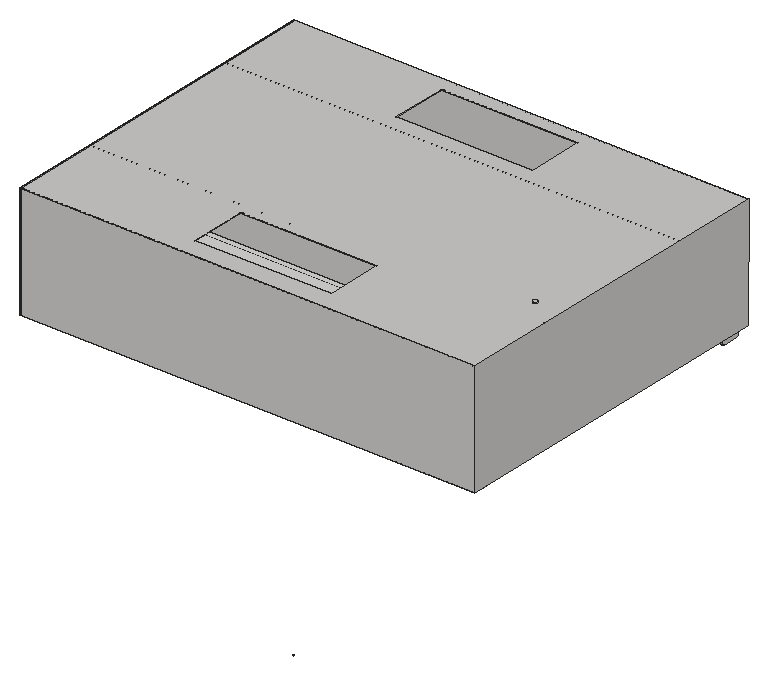
Revit family "QF_ELECTROLUXPROFESSIONAL_641259_STPF1520", category Specialty Equipment, Revit 2014
Reference planes
  plane 1: z = 0
  plane 2 "Center (Left/Right)": x = 150
  plane 3 "LEFT": x = -850
  plane 4 "RIGHT": x = 1150
  plane 5 "BACK": y = 550
  plane 6 "TOP": z = 2500
  plane 7 "Base": z = 2000
  plane 8: z = 1955
  plane 9 "DrainY": y = 490
  plane 10: x = -847
  plane 11 "DrainX": x = 1030
  plane 12 "AOLeft2": x = 450
  plane 13: x = 1147
  plane 14: x = -650
  plane 15: x = 950
  plane 16 "Center (Front/Back)": y = -100
  plane 17 "Front": y = -950
  plane 18 "AOLeft1": x = -150
  plane 19: y = -864
  plane 20: y = -614
  plane 21: y = 240
  plane 22: y = 490
  plane 23 "EI_y": y = -470
  plane 24 "EIx": x = 1030
Forms (mm)
  Extrusion 1, solid, material "QF_Finishes_Stainless Steel"
    sketch origin (-850, 0, 360) x (0, 1, 0) y (0, 0, 1)
      loop
        line (550, 1640) -> (550, 2140) -> (-950, 2140) -> (-950, 1640) -> (550, 1640)
    from 0 to 3
  Extrusion 2, solid, material "QF_Finishes_Stainless Steel"
    sketch origin (1150, 0, 360) x (0, 1, 0) y (0, 0, 1)
      loop
        line (550, 1640) -> (550, 2140) -> (-950, 2140) -> (-950, 1640) -> (550, 1640)
    from 0 to -3
  Extrusion 3, solid, material "QF_Finishes_Stainless Steel"
    sketch origin (150, 0, 360) x (0, 1, 0) y (0, 0, 1)
      loop
        line (-950, 2140) -> (-950, 1640) -> (-940, 1640) -> (-940, 1640.8) -> (-949.2, 1640.8) -> (-949.2, 2139.19) -> (549.2, 2139.19) -> (549.2, 1640.8) -> (540, 1640.8) -> (540, 1640) -> (550, 1640) -> (550, 2140) -> (-950, 2140)
    from -1000 to 1000
  Extrusion 4, solid, material "QF_Finishes_Stainless Steel"
    sketch origin (0, 0, 2000) x (0, 1, 0) y (-1, 0, 0)
      loop
        circle (490, -1030) r 4.763
    from -30 to 0
  Extrusion 5, void
    sketch origin (0, 0, 2500) x (0, 1, 0) y (-1, 0, 0)
      loop
        line (-614, -450) -> (-614, 150) -> (-864, 150) -> (-864, -450) -> (-614, -450)
    from 0 to -10
  Extrusion 6, solid, material "QF_Finishes_Stainless Steel"
    sketch origin (0, 0, 0) x (1, 0, 0) y (0, 1, 0)
      loop
        line (-850, 550) -> (-850, 549) -> (-849, 549) -> (-849, 550) -> (-850, 550)
    from 0 to 1
  Extrusion 7, solid, material "QF_LAMPS"
    sketch origin (150, 0, 360) x (0, 1, 0) y (0, 0, 1)
      loop
        line (-572.823, 1962.324) -> (-418.948, 2086.929) -> (-427.129, 2097.032) -> (-581.003, 1972.426) -> (-572.823, 1962.324)
    from 997 to -997
  Sweep 8, solid, material "QF_Finishes_Stainless Steel"
    path origin (0, 0, 0) x (1, 0, 0) y (0, 1, 0)
      loop
        line (1150, 550) -> (-850, 550) -> (-850, -950) -> (1150, -950) -> (1150, 550)
    profile origin (1150, -200, 0) x (1, 0, 0) y (0, 0, 1)
      loop
        line (-3, 2000) -> (-3, 2000.8) -> (-19, 2000.8) -> (-19, 2010) -> (-20, 2010) -> (-20, 2000) -> (-3, 2000)
  Extrusion 9, solid, material "QF_Finishes_Stainless Steel"
    sketch origin (150, 0, 0) x (0, 1, 0) y (0, 0, 1)
      loop
        line (414.66, 2095.469) -> (440.643, 2110.471) -> (261.744, 2411.771) -> (235.948, 2396.455) -> (414.66, 2095.469)
    from -997 to -800
  Extrusion 10, solid, material "QF_Finishes_Stainless Steel"
    sketch origin (1030, 0, 0) x (0, 1, 0) y (0, 0, 1)
      loop
        line (539, 2000) -> (441, 2000) -> (441, 1989) -> (448.5, 1989) -> (448.5, 1965)
        arc (448.5, 1965) -> (451.429, 1957.929) -> (458.5, 1955) r 10
        line (458.5, 1955) -> (521.5, 1955)
        arc (521.5, 1955) -> (528.571, 1957.929) -> (531.5, 1965) r 10
        line (531.5, 1965) -> (531.5, 1989) -> (539, 1989) -> (539, 2000)
    from 90 to -90
  Extrusion 11, solid, material "QF_Finishes_Stainless Steel"
    sketch origin (150, 0, 0) x (0, 1, 0) y (0, 0, 1)
      loop
        line (414.66, 2095.469) -> (440.643, 2110.471) -> (261.744, 2411.771) -> (235.948, 2396.455) -> (414.66, 2095.469)
    from 800 to 997
  Extrusion 12, solid, material "QF_Finished_Chrome"
    sketch origin (150, 0, 0) x (0, 1, 0) y (0, 0, 1)
      loop
        line (414.66, 2095.469) -> (440.643, 2110.471) -> (261.744, 2411.771) -> (235.948, 2396.455) -> (414.66, 2095.469)
    from -800 to 800
  Extrusion 13, void
    sketch origin (0, 1180, 2500) x (0, 1, 0) y (-1, 0, 0)
      loop
        line (-690, -450) -> (-690, 150) -> (-940, 150) -> (-940, -450) -> (-690, -450)
    from 0 to -10
  Extrusion 14, solid, material "QF_Finishes_Stainless Steel"
    sketch origin (0, 0, 2500) x (0, 1, 0) y (-1, 0, 0)
      loop
        circle (-470, -1030) r 10
    from 0 to 1.6
  Extrusion 15, solid, material "QF_Finishes_Stainless Steel"
    sketch origin (150, 0, 360) x (0, 1, 0) y (0, 0, 1)
      loop
        line (430.005, 1640) -> (540, 1640) -> (540, 1640.8) -> (430.467, 1640.8) -> (371.906, 1742.23) -> (414.858, 1734.657) -> (442.266, 1750.481) -> (442.266, 1765.943) -> (441.466, 1765.943) -> (441.466, 1750.943) -> (414.709, 1735.495) -> (321.153, 1751.991) -> (320.875, 1750.416) -> (371.4, 1741.507) -> (430.005, 1640)
      loop
        line (172.529, 2139.19) -> (242.893, 2017.316) -> (245.133, 2018.715) -> (240.13, 2027.381) -> (238.569, 2026.405) -> (173.453, 2139.19) -> (172.529, 2139.19)
    from -997 to 997
  Extrusion 16, solid, material "QF_Finishes_Stainless Steel"
    sketch origin (150, 200.8, 360) x (0, 1, 0) y (0, 0, 1)
      loop
        line (-1150, 2139.19) -> (-1150, 1640) -> (-1086.602, 1640) -> (-999.146, 1690.493) -> (-1010.058, 1709.394) -> (-1066.564, 1676.77) -> (-1114.704, 1680.982) -> (-1149.2, 1730.248) -> (-1149.2, 2139.19) -> (-1150, 2139.19)
      loop
        line (-773.6, 1961.694) -> (-781.937, 1971.99) -> (-769.095, 1982.182) -> (-769.095, 2139.19) -> (-769.895, 2139.19) -> (-769.895, 1982.569) -> (-1082.298, 1734.63) -> (-1071.091, 1720.79) -> (-773.6, 1961.694)
      loop
        line (-627.61, 2099.216) -> (-618.171, 2087.559) -> (-554.411, 2139.19) -> (-555.682, 2139.19) -> (-618.052, 2088.684) -> (-626.989, 2099.719) -> (-627.61, 2099.216)
    from -997 to 997
  Extrusion 17, solid, material "QF_Finishes_Stainless Steel"
    sketch origin (0, 0, 2500) x (0, 1, 0) y (-1, 0, 0)
      loop
        circle (-470, -1030) r 10
    from 0 to 1.6
Cuts and joins
  Extrusion 5, Extrusion 13 cuts Extrusion 3
  joined: Extrusion 2, Extrusion 3, Sweep 8
Lines and regions (mm)
  symbolic lines, style "SpecialityEquipment", detail levels coarse
    curve 1: line (1150, 550, 2500) -> (-850, 550, 2500)
    curve 2: line (-850, 550, 2500) -> (-850, -950, 2500)
    curve 3: line (1150, -950, 2500) -> (1150, 550, 2500)
    curve 4: line (-850, 550, 0) -> (1150, -950, 0)
    curve 5: line (1150, 550, 0) -> (-850, -950, 0)
    curve 6: line (-850, -950, 0) -> (1150, -950, 0)
  symbolic lines, detail levels coarse
    curve 7: line (-150, 240, 2500) -> (450, 240, 2500)
    curve 8: line (-150, 490, 2500) -> (-150, 240, 2500)
    curve 9: line (450, 490, 2500) -> (-150, 490, 2500)
    curve 10: line (450, 240, 2500) -> (450, 490, 2500)
    curve 11: line (-150, -614, 2500) -> (450, -614, 2500)
    curve 12: line (-150, -864, 2500) -> (-150, -614, 2500)
    curve 13: line (450, -864, 2500) -> (-150, -864, 2500)
    curve 14: line (450, -614, 2500) -> (450, -864, 2500)
Dimensions and locks
  plane 3 "LEFT" to plane 4 "RIGHT" = 2000 mm
  equal spacing: plane 3 "LEFT", plane 2 "Center (Left/Right)", plane 4 "RIGHT"
  plane 7 "Base" to plane 8 = 45 mm
  plane 5 "BACK" to plane 9 "DrainY" = 60 mm  (x2)
  plane 3 "LEFT" to plane 10 = 3 mm
  plane 11 "DrainX" to plane 4 "RIGHT" = 120 mm
  plane 13 to plane 4 "RIGHT" = 3 mm
  plane 3 "LEFT" to plane 14 = 200 mm
  plane 15 to plane 4 "RIGHT" = 200 mm
  locked: plane 7 "Base" to level at 2000
  locked: plane 6 "TOP" to plane 7 "Base" at 500
  locked: plane 18 "AOLeft1" to plane 12 "AOLeft2" at 600
  locked: plane 20 to plane 19 at 250
  locked: plane 19 to plane 17 "Front" at 86
  locked: plane 22 to plane 21 at 250
  locked: plane 5 "BACK" to plane 22 at 60
  locked: plane 23 "EI_y" to plane 17 "Front" at 480
  locked: plane 24 "EIx" to plane 4 "RIGHT" at 120
  locked: plane 5 "BACK" to plane 17 "Front" at 1500
  plane 5 "BACK" to plane 17 "Front" = 1500 mm
  equal spacing: plane 18 "AOLeft1", plane 2 "Center (Left/Right)", plane 12 "AOLeft2"
  aligned and locked: level to plane 1
  aligned and locked: plane 4 "RIGHT" to Extrusion 3
  aligned and locked: Extrusion 3 to plane 3 "LEFT"
  aligned and locked: Extrusion 2 to plane 13
  aligned and locked: Extrusion 9 to plane 10
  aligned and locked: Extrusion 5 to plane 18 "AOLeft1"
  aligned and locked: Extrusion 5 to plane 12 "AOLeft2"
  aligned and locked: plane 14 to Extrusion 9
  aligned and locked: plane 15 to Extrusion 11
  aligned and locked: plane 13 to Extrusion 11
  aligned and locked: Extrusion 12 to plane 14
  aligned and locked: Extrusion 12 to plane 15
  aligned and locked: plane 13 to Extrusion 7
  aligned and locked: Extrusion 7 to plane 10
  aligned and locked: Extrusion 13 to plane 21
  aligned and locked: plane 22 to Extrusion 13
  aligned and locked: Extrusion 13 to plane 18 "AOLeft1"
  aligned and locked: Extrusion 13 to plane 12 "AOLeft2"
  aligned and locked: Extrusion 15 to plane 10
  aligned and locked: plane 13 to Extrusion 15
  aligned and locked: Extrusion 5 to plane 19
  aligned and locked: plane 20 to Extrusion 5
  aligned and locked: Extrusion 16 to plane 10
  aligned and locked: plane 13 to Extrusion 16
Automatic sketch dimensions
  curve 6 to plane 3 "LEFT" = 0 mm
  curve 4 to plane 3 "LEFT" = 0 mm
  curve 5 to plane 4 "RIGHT" = 0 mm
  curve 6 to plane 4 "RIGHT" = 0 mm
  curve 4 to plane 17 "Front" = 0 mm
  curve 5 to plane 5 "BACK" = 0 mm
  curve 4 to plane 5 "BACK" = 0 mm
  Extrusion 1 sketch curve to plane 7 "Base" = 0 mm
  Extrusion 1 sketch curve to plane 17 "Front" = 0 mm
  Extrusion 1 sketch curve to plane 5 "BACK" = 0 mm
  Extrusion 1 sketch curve to plane 6 "TOP" = 0 mm
  Extrusion 2 sketch curve to plane 7 "Base" = 0 mm
  Extrusion 2 sketch curve to plane 17 "Front" = 0 mm
  Extrusion 2 sketch curve to plane 5 "BACK" = 0 mm
  Extrusion 2 sketch curve to plane 6 "TOP" = 0 mm
  Extrusion 3 sketch curve to plane 6 "TOP" = 0 mm
  Extrusion 3 sketch curve to plane 17 "Front" = 0 mm
  Extrusion 3 sketch curve to plane 7 "Base" = 0 mm  (x2)
  Extrusion 3 sketch curve to plane 5 "BACK" = 0 mm
  plane 17 "Front" to Extrusion 3 sketch curve = 0.8 mm
  Extrusion 3 sketch curve to Extrusion 3 sketch curve = 9.2 mm
  plane 7 "Base" to Extrusion 3 sketch curve = 0.8 mm  (x2)
  Extrusion 3 sketch curve to plane 5 "BACK" = 10 mm
  Extrusion 3 sketch curve to plane 5 "BACK" = 0.8 mm
  Extrusion 3 sketch curve to plane 6 "TOP" = 0.81 mm
  Extrusion 4 sketch curve to plane 9 "DrainY" = 0 mm
  Extrusion 4 sketch curve to plane 11 "DrainX" = 0 mm
  Extrusion 5 sketch curve to plane 12 "AOLeft2" = 0 mm
  Extrusion 5 sketch curve to plane 19 = 0 mm
  Extrusion 5 sketch curve to plane 20 = 0 mm
  Extrusion 5 sketch curve to plane 18 "AOLeft1" = 0 mm
  Extrusion 6 sketch curve to plane 3 "LEFT" = 0 mm
  Extrusion 6 sketch curve to plane 5 "BACK" = 0 mm
  plane 3 "LEFT" to Extrusion 6 sketch curve = 1 mm
  Extrusion 6 sketch curve to Extrusion 6 sketch curve = 1 mm
  plane 20 to Extrusion 7 sketch curve = 32.997 mm
  Extrusion 7 sketch curve to Extrusion 7 sketch curve = 8.181 mm  (x2)
  plane 23 "EI_y" to Extrusion 7 sketch curve = 42.871 mm
  Extrusion 7 sketch curve to plane 6 "TOP" = 177.676 mm
  Extrusion 7 sketch curve to Extrusion 7 sketch curve = 10.102 mm
  Extrusion 7 sketch curve to plane 6 "TOP" = 53.071 mm
  Extrusion 7 sketch curve to Extrusion 7 sketch curve = 10.103 mm
  Sweep 8 sketch curve to plane 3 "LEFT" = 0 mm
  Sweep 8 sketch curve to plane 4 "RIGHT" = 0 mm
  Sweep 8 sketch curve to plane 17 "Front" = 0 mm
  Sweep 8 sketch curve to plane 5 "BACK" = 0 mm
  profile plane to Sweep 8 sketch curve = 20 mm
  Sweep 8 sketch curve to Sweep 8 sketch curve = 1 mm
  profile plane to Sweep 8 sketch curve = 3 mm
  level to Sweep 8 sketch curve = 2000 mm
  Sweep 8 sketch curve to Sweep 8 sketch curve = 0.8 mm
  Sweep 8 sketch curve to Sweep 8 sketch curve = 9.2 mm
  Extrusion 9 sketch curve to plane 21 = 4.052 mm
  plane 21 to Extrusion 9 sketch curve = 21.744 mm
  Extrusion 9 sketch curve to plane 9 "DrainY" = 75.34 mm
  Extrusion 9 sketch curve to Extrusion 9 sketch curve = 25.983 mm
  plane 7 "Base" to Extrusion 9 sketch curve = 95.469 mm
  Extrusion 9 sketch curve to Extrusion 9 sketch curve = 15.001 mm
  Extrusion 9 sketch curve to plane 6 "TOP" = 103.545 mm
  Extrusion 9 sketch curve to Extrusion 9 sketch curve = 15.316 mm
  Extrusion 10 sketch curve to plane 8 = 0 mm
  Extrusion 10 sketch curve to plane 7 "Base" = 11 mm  (x2)
  Extrusion 10 sketch curve to plane 9 "DrainY" = 49 mm
  Extrusion 10 sketch curve to Extrusion 10 sketch curve = 7.5 mm  (x2)
  Extrusion 10 sketch curve to Extrusion 10 sketch curve = 10 mm
  Extrusion 10 sketch curve to plane 5 "BACK" = 28.5 mm
  Extrusion 10 sketch curve to plane 5 "BACK" = 18.5 mm
  plane 7 "Base" to Extrusion 10 sketch curve = 0 mm
  Extrusion 11 sketch curve to plane 21 = 4.052 mm
  plane 21 to Extrusion 11 sketch curve = 21.744 mm
  Extrusion 11 sketch curve to plane 9 "DrainY" = 75.34 mm
  Extrusion 11 sketch curve to Extrusion 11 sketch curve = 25.983 mm
  plane 7 "Base" to Extrusion 11 sketch curve = 95.469 mm
  Extrusion 11 sketch curve to Extrusion 11 sketch curve = 15.001 mm
  Extrusion 11 sketch curve to plane 6 "TOP" = 103.545 mm
  Extrusion 11 sketch curve to Extrusion 11 sketch curve = 15.316 mm
  Extrusion 12 sketch curve to plane 21 = 4.052 mm
  plane 21 to Extrusion 12 sketch curve = 21.744 mm
  Extrusion 12 sketch curve to plane 9 "DrainY" = 75.34 mm
  Extrusion 12 sketch curve to Extrusion 12 sketch curve = 25.983 mm
  plane 7 "Base" to Extrusion 12 sketch curve = 95.469 mm
  Extrusion 12 sketch curve to Extrusion 12 sketch curve = 15.001 mm
  Extrusion 12 sketch curve to plane 6 "TOP" = 103.545 mm
  Extrusion 12 sketch curve to Extrusion 12 sketch curve = 15.316 mm
  Extrusion 13 sketch curve to plane 12 "AOLeft2" = 0 mm
  Extrusion 13 sketch curve to plane 21 = 0 mm
  Extrusion 13 sketch curve to plane 9 "DrainY" = 0 mm
  Extrusion 13 sketch curve to plane 18 "AOLeft1" = 0 mm
  Extrusion 14 sketch curve to plane 23 "EI_y" = 0 mm
  Extrusion 14 sketch curve to plane 24 "EIx" = 0 mm
  Extrusion 15 sketch curve to plane 7 "Base" = 0 mm
  Extrusion 15 sketch curve to plane 6 "TOP" = 0.81 mm
  Extrusion 15 sketch curve to plane 21 = 67.471 mm
  Extrusion 15 sketch curve to Extrusion 15 sketch curve = 0.924 mm
  Extrusion 15 sketch curve to plane 21 = 1.431 mm
  plane 21 to Extrusion 15 sketch curve = 0.13 mm
  plane 21 to Extrusion 15 sketch curve = 2.893 mm
  Extrusion 15 sketch curve to Extrusion 15 sketch curve = 2.24 mm
  plane 21 to Extrusion 15 sketch curve = 80.875 mm
  Extrusion 15 sketch curve to Extrusion 15 sketch curve = 0.278 mm
  Extrusion 15 sketch curve to Extrusion 15 sketch curve = 50.525 mm
  Extrusion 15 sketch curve to Extrusion 15 sketch curve = 0.506 mm
  Extrusion 15 sketch curve to Extrusion 15 sketch curve = 42.803 mm
  Extrusion 15 sketch curve to Extrusion 15 sketch curve = 0.148 mm
  Extrusion 15 sketch curve to plane 9 "DrainY" = 59.995 mm
  plane 7 "Base" to Extrusion 15 sketch curve = 0.8 mm
  Extrusion 15 sketch curve to Extrusion 15 sketch curve = 0.462 mm  (x2)
  Extrusion 15 sketch curve to Extrusion 15 sketch curve = 109.533 mm
  Extrusion 15 sketch curve to Extrusion 15 sketch curve = 26.757 mm
  Extrusion 15 sketch curve to Extrusion 15 sketch curve = 0.8 mm
  plane 7 "Base" to Extrusion 15 sketch curve = 94.657 mm
  Extrusion 15 sketch curve to Extrusion 15 sketch curve = 0.838 mm
  Extrusion 15 sketch curve to Extrusion 15 sketch curve = 6.012 mm
  Extrusion 15 sketch curve to Extrusion 15 sketch curve = 0.723 mm
  Extrusion 15 sketch curve to Extrusion 15 sketch curve = 14.986 mm
  Extrusion 15 sketch curve to Extrusion 15 sketch curve = 15 mm
  Extrusion 15 sketch curve to plane 6 "TOP" = 122.684 mm
  Extrusion 15 sketch curve to Extrusion 15 sketch curve = 1.399 mm
  Extrusion 15 sketch curve to Extrusion 15 sketch curve = 9.089 mm
  Extrusion 15 sketch curve to Extrusion 15 sketch curve = 0.975 mm
  Extrusion 16 sketch curve to plane 7 "Base" = 0 mm
  plane 17 "Front" to Extrusion 16 sketch curve = 0.8 mm
  Extrusion 16 sketch curve to Extrusion 16 sketch curve = 0.8 mm  (x2)
  plane 17 "Front" to Extrusion 16 sketch curve = 36.096 mm
  Extrusion 16 sketch curve to plane 19 = 21.802 mm
  Extrusion 16 sketch curve to plane 19 = 17.498 mm
  Extrusion 16 sketch curve to plane 19 = 6.291 mm
  Extrusion 16 sketch curve to plane 19 = 1.764 mm
  plane 19 to Extrusion 16 sketch curve = 54.742 mm
  Extrusion 16 sketch curve to Extrusion 16 sketch curve = 10.912 mm
  plane 20 to Extrusion 16 sketch curve = 32.863 mm
  Extrusion 16 sketch curve to Extrusion 16 sketch curve = 8.337 mm
  Extrusion 16 sketch curve to Extrusion 16 sketch curve = 12.042 mm
  plane 23 "EI_y" to Extrusion 16 sketch curve = 43.19 mm
  Extrusion 16 sketch curve to Extrusion 16 sketch curve = 0.622 mm
  Extrusion 16 sketch curve to Extrusion 16 sketch curve = 9.44 mm
  Extrusion 16 sketch curve to Extrusion 16 sketch curve = 0.118 mm
  Extrusion 16 sketch curve to plane 6 "TOP" = 0.81 mm  (x3)
  Extrusion 16 sketch curve to Extrusion 16 sketch curve = 62.37 mm
  Extrusion 16 sketch curve to Extrusion 16 sketch curve = 1.271 mm
  plane 7 "Base" to Extrusion 16 sketch curve = 36.77 mm
  plane 7 "Base" to Extrusion 16 sketch curve = 40.982 mm
  plane 7 "Base" to Extrusion 16 sketch curve = 50.493 mm
  Extrusion 16 sketch curve to Extrusion 16 sketch curve = 18.901 mm
  Extrusion 16 sketch curve to Extrusion 16 sketch curve = 44.02 mm
  Extrusion 16 sketch curve to Extrusion 16 sketch curve = 49.266 mm
  Extrusion 16 sketch curve to Extrusion 16 sketch curve = 13.84 mm
  Extrusion 16 sketch curve to plane 6 "TOP" = 178.306 mm
  Extrusion 16 sketch curve to Extrusion 16 sketch curve = 10.296 mm
  Extrusion 16 sketch curve to Extrusion 16 sketch curve = 10.192 mm
  Extrusion 16 sketch curve to Extrusion 16 sketch curve = 0.386 mm
  Extrusion 16 sketch curve to plane 6 "TOP" = 52.441 mm
  Extrusion 16 sketch curve to Extrusion 16 sketch curve = 1.125 mm
  Extrusion 17 sketch curve to plane 23 "EI_y" = 0 mm
  Extrusion 17 sketch curve to plane 24 "EIx" = 0 mm
  curve 2 to plane 3 "LEFT" = 0 mm
  curve 2 to plane 17 "Front" = 0 mm
  curve 3 to plane 4 "RIGHT" = 0 mm
  curve 3 to plane 17 "Front" = 0 mm
  curve 13 to plane 18 "AOLeft1" = 0 mm
  curve 13 to plane 19 = 0 mm
  curve 14 to plane 12 "AOLeft2" = 0 mm
  curve 14 to plane 20 = 0 mm
  curve 7 to plane 18 "AOLeft1" = 0 mm
  curve 7 to plane 21 = 0 mm
  curve 8 to plane 9 "DrainY" = 0 mm
  curve 2 to plane 5 "BACK" = 0 mm
  curve 10 to plane 12 "AOLeft2" = 0 mm
  radius of Extrusion 4 sketch curve = 4.763 mm
  radius of Extrusion 14 sketch curve = 10 mm
  radius of Extrusion 17 sketch curve = 10 mm
Connectors
  piping at (1030, 490, 1970), diameter 9.5
    settings: on Extrusion 4, index 1, connector inside diameter 609.6 mm, connector length 0 mm, flow factor 0, pipe flow 0.0 L/s, pressure drop 0.0 Pa, fitting loss kfactor 0, connector angle 0.00°, fixture units 0, engagement length 0 mm, angle of deflection 0.00°, flow configuration 1, flow direction 2, fitting loss method 0, system type 16, joint type 0, gender type 0, connector reference index -1, connector utility 0, adjustable connector no, is connector primary yes, connector description "Drain"
  hvac at (150, -739, 2500)
    settings: on Extrusion 5, index 2, duct flow 0.0 L/s, flow factor 0, pres drop 0.0 Pa, loss coef 0, conn angle 0.00°, conn width 250 mm, conn height 600 mm, conn diameter 609.6 mm, duct sys type 1, conn prof type 1, flow config 1, flow direction 1, loss method 0, conn ref index -1, conn util no, is conn primary yes, conn desc "AIR INLET"
  hvac at (150, 365, 2500)
    settings: on Extrusion 13, index 4, duct flow 0.0 L/s, flow factor 0, pres drop 0.0 Pa, loss coef 0, conn angle 0.00°, conn width 250 mm, conn height 600 mm, conn diameter 609.6 mm, duct sys type 3, conn prof type 1, flow config 1, flow direction 2, loss method 0, conn ref index -1, conn util no, is conn primary no, conn desc "EXHAUST OUTLET"
  electrical at (1030, -470, 2501.6)
    settings: on Extrusion 14, index 6, voltage 0 V, apparent load 0 VA, apparent load phase1 0 VA, apparent load phase2 0 VA, apparent load phase3 0 VA, power factor 1, load classification "Other", number of poles 1, system type 30, power factor state 1, is connector primary yes, connector utility no, sub classification motor no, connector description "Electrical Connection"
  electrical at (1030, -470, 2501.6)
    settings: on Extrusion 17, index 12, voltage 0 V, apparent load 0 VA, apparent load phase1 0 VA, apparent load phase2 0 VA, apparent load phase3 0 VA, power factor 1, load classification "Other", number of poles 1, system type 30, power factor state 1, is connector primary no, connector utility no, sub classification motor no, connector description ""
